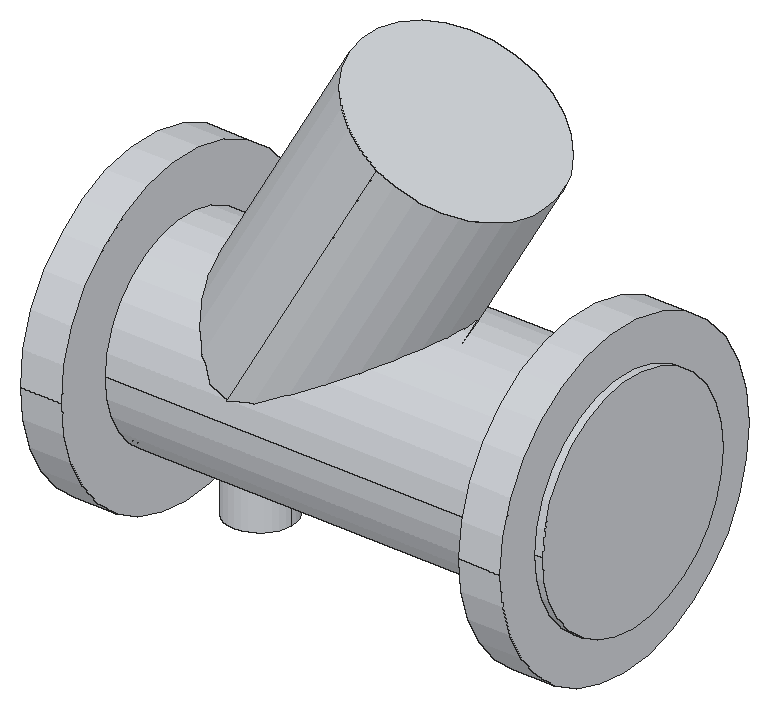
Revit family "HS 821-síto_jemné-PN40-DN150-RFA_2018", category Pipe Accessories, Revit 2018
Family settings
  Round Connector Dimension = Use Diameter
  Part Type = Breaks Into
  Work Plane-Based = No
  Always vertical = Yes
  Cut with Voids When Loaded = No
  Shared = No
Parameters (values of type "821F-DN150-PN40-síto_jemné")
  magiProductId = "0153b9ddabe14992a630484929fdbc"
  magiProductFamilyId = "79214ac3aaa945e397802f559f5c1e"
  magiPartTypeId = 307
  isMeasuringValve [instance] = no
  ang2D [instance] = 0.00°
  ZB__ve = -ZB  # -47 mm
  ZB1 = 88.29 mm
  ZB = 47 mm
  X2 = 155.885 mm
  X1 = 67.2 mm
  W2D = 15 mm
  VersionID = "2.0/2017.9.26.1/ZETKAMA_821_001"
  Use Minimum Symbol Size [instance] = yes
  URL = "www.hydronic.cz"
  Type Comments = "Filtr přírubový; síto jemné; A-PN16 (-10~300°C); D-PN25 (-10~350°C); F-PN40 (-10~400°C)"
  S = 218 mm
  QmdConnectorList = "301;D;302;D"
  Productdata [instance] = ""
  Manufacturer = "Hydronic Systems Prague s.r.o."
  MC Product Code = "250 692 (821F; DN150; PN40; kvs401,4; oko síta 0,63mm)"
  LM1 = 38.4 mm
  LM = 384 mm
  L4 = 120 mm
  L2D_Min = 3048 mm
  L2D = 130 mm
  L2 = 240 mm
  HH2 = 270 mm
  FD = 300 mm
  Description = "Filtr přírubový; síto jemné; 821A-PN16; 821D-PN25; 821F-PN40"
  DM1 = 192 mm
  DM = 196.2 mm
  D = 150 mm
  CC = 8.16 mm
  CAT0 = yes
  C1 = 39.84 mm
  C = 48 mm
  BD = 61.803 mm
Types (40, lengths in mm): name | magiProductId | ZB__ve | ZB1 | ZB | X2 | X1 | S | MC Product Code | LM1 | LM | L4 | L2 | HH2 | FD | DM1 | DM | D | CC | C1 | C | BD
  821A-DN015-PN16-síto_jemné | "a71bcfe8b393460598b23e8ddf7dc5" | -16.25 | 18.63 | 16.25 | 46.982 | 18.2 | 46 | "210 115 (821A; DN015; PN16; kvs6,2; oko síta 0,63mm)" | 10.4 | 104 | 32.5 | 65 | 81.375 | 95 | 27.6 | 41.4 | 15 | 2.21 | 10.79 | 13 | 13.041
  821A-DN020-PN16-síto_jemné | "41cd6c7a12924f4991217528336076" | -17.75 | 22.68 | 17.75 | 51.673 | 21 | 56 | "210 120 (821A; DN020; PN16; kvs9,6; oko síta 0,63mm)" | 12 | 120 | 37.5 | 75 | 89.5 | 105 | 33.6 | 50.4 | 20 | 2.55 | 12.45 | 15 | 15.876
  821A-DN025-PN16-síto_jemné | "be378b463ed14c3abf4c9b3ae8cf3a" | -19.25 | 26.325 | 19.25 | 58.601 | 22.4 | 65 | "210 125 (821A; DN025; PN16; kvs14,2; oko síta 0,63mm)" | 12.8 | 128 | 40 | 80 | 101.5 | 115 | 43.2 | 58.5 | 25 | 2.72 | 13.28 | 16 | 18.427
  821A-DN032-PN16-síto_jemné | "227a0d18b21540afabe8b6067d35fa" | -23 | 30.78 | 23 | 68.849 | 25.2 | 76 | "210 132 (821A; DN032; PN16; kvs23,1; oko síta 0,63mm)" | 14.4 | 144 | 45 | 90 | 119.25 | 140 | 50.4 | 68.4 | 32 | 3.06 | 14.94 | 18 | 21.546
  821A-DN040-PN16-síto_jemné | "d106917c74724141a10440112d0102" | -24.5 | 34.02 | 24.5 | 75.777 | 28 | 84 | "210 140 (821A; DN040; PN16; kvs36,6; oko síta 0,63mm)" | 16 | 160 | 50 | 100 | 131.25 | 150 | 60 | 75.6 | 40 | 3.4 | 16.6 | 20 | 23.814
  821A-DN050-PN16-síto_jemné | "8255d456a09e4f6486734f5dd9171b" | -26.75 | 40.095 | 26.75 | 79.061 | 32.2 | 99 | "210 150 (821A; DN050 PN16; kvs53,7; oko síta 0,63mm)" | 18.4 | 184 | 57.5 | 115 | 136.938 | 165 | 73.8 | 89.1 | 50 | 3.91 | 19.09 | 23 | 28.066
  821A-DN065-PN16-síto_jemné | "235b1b3e4c0843779a4d5e3716d40a" | -29.75 | 47.79 | 29.75 | 86.927 | 40.6 | 118 | "210 165 (821A; DN065; PN16; kvs95,1; oko síta 0,63mm)" | 23.2 | 232 | 72.5 | 145 | 150.562 | 185 | 94.2 | 106.2 | 65 | 4.93 | 24.07 | 29 | 33.453
  821A-DN080-PN16-síto_jemné | "a067f7c5236348ed8c820d16df7214" | -32 | 53.46 | 32 | 104.753 | 43.4 | 132 | "210 180 (821A; DN080; PN16; kvs137,1; oko síta 0,63mm)" | 24.8 | 248 | 77.5 | 155 | 181.438 | 200 | 107.4 | 118.8 | 80 | 5.27 | 25.73 | 31 | 37.422
  821A-DN100-PN16-síto_jemné | "c49a648c2747461285837d643703cd" | -35 | 63.18 | 35 | 114.857 | 49 | 156 | "210 190 (821A; DN100; PN16; kvs206,4; oko síta 0,63mm)" | 28 | 280 | 87.5 | 175 | 198.937 | 220 | 131.4 | 140.4 | 100 | 5.95 | 29.05 | 35 | 44.226
  821A-DN125-PN16-síto_jemné | "bf68e728a163493cbd2a663b26ebdc" | -39.5 | 74.52 | 39.5 | 131.888 | 56 | 184 | "210 191 (821A; DN125; PN16; kvs268,8; oko síta 0,63mm)" | 32 | 320 | 100 | 200 | 228.438 | 250 | 165 | 165.6 | 125 | 6.8 | 33.2 | 40 | 52.164
  821A-DN150-PN16-síto_jemné | "2de770284b654863ae6bc865769dc5" | -44.75 | 85.455 | 44.75 | 155.885 | 67.2 | 211 | "210 192 (821A; DN150; PN16; kvs401,4; oko síta 0,63mm)" | 38.4 | 384 | 120 | 240 | 270 | 285 | 192 | 189.9 | 150 | 8.16 | 39.84 | 48 | 59.818
  821A-DN200-PN16-síto_jemné | "8e5693371ab64aabb29a7f08c76e15" | -53 | 107.73 | 53 | 188.361 | 84 | 266 | "210 193 (821A; DN200; PN16; kvs706,7; oko síta 0,63mm)" | 48 | 480 | 150 | 300 | 326.25 | 340 | 252 | 239.4 | 200 | 10.2 | 49.8 | 60 | 75.411
  821A-DN250-PN16-síto_jemné | "05e37ed948c34047acdd4c42556504" | -62.75 | 129.195 | 62.75 | 255.911 | 102.2 | 319 | "210 194 (821A; DN250; PN16; kvs1229,4; oko síta 0,63mm)" | 58.4 | 584 | 182.5 | 365 | 443.25 | 405 | 309.6 | 287.1 | 250 | 12.41 | 60.59 | 73 | 90.436
  821A-DN300-PN16-síto_jemné | "9ad0af747269428da925480d83ce80" | -71 | 149.85 | 71 | 325.914 | 119 | 370 | "210 195 (821A; DN300; PN16; kvs1902,4; oko síta 0,63mm)" | 68 | 680 | 212.5 | 425 | 564.5 | 460 | 369.6 | 333 | 300 | 14.45 | 70.55 | 85 | 104.895
  821A-DN350-PN16-síto_jemné | "eebc71459bb3451bb4355e7951370a" | -80 | 173.745 | 80 | 356.875 | 137.2 | 429 | "200 196 (821A; DN350; PN16; kvs2611,0; oko síta 0,63mm)" | 78.4 | 784 | 245 | 490 | 618.125 | 520 | 438 | 386.1 | 350 | 16.66 | 81.34 | 98 | 121.621
  821A-DN400-PN16-síto_jemné | "d2f677cb196647e385b2590e7d8abe" | -89 | 194.4 | 89 | 392.237 | 154 | 480 | "210 197 (821A; DN400; PN16; kvs3438,4; oko síta 0,63mm)" | 88 | 880 | 275 | 550 | 679.375 | 580 | 498 | 432 | 400 | 18.7 | 91.3 | 110 | 136.08
  821D-DN015-PN25-síto_jemné | "27ddcbf555414f8ca1fde329bf9087" | -16.25 | 18.63 | 16.25 | 46.982 | 18.2 | 46 | "210 215 (821D; DN015; PN25; kvs6,2; oko síta 0,63mm)" | 10.4 | 104 | 32.5 | 65 | 81.375 | 95 | 27.6 | 41.4 | 15 | 2.21 | 10.79 | 13 | 13.041
  821D-DN020-PN25-síto_jemné | "270e0f14012f47189cd0235c18faee" | -17.75 | 22.68 | 17.75 | 51.673 | 21 | 56 | "210 220 (821D; DN020; PN25; kvs9,6; oko síta 0,63mm)" | 12 | 120 | 37.5 | 75 | 89.5 | 105 | 33.6 | 50.4 | 20 | 2.55 | 12.45 | 15 | 15.876
  821D-DN025-PN25-síto_jemné | "b9a7fb4aa36643878c637d8e1ab992" | -19.25 | 26.325 | 19.25 | 58.601 | 22.4 | 65 | "210 225 (821D; DN025; PN25; kvs14,2; oko síta 0,63mm)" | 12.8 | 128 | 40 | 80 | 101.5 | 115 | 43.2 | 58.5 | 25 | 2.72 | 13.28 | 16 | 18.427
  821D-DN032-PN25-síto_jemné | "6be9a55c4e68400f94eec7e804204c" | -23 | 30.78 | 23 | 68.849 | 25.2 | 76 | "210 232 (821D; DN032; PN25; kvs23,1; oko síta 0,63mm)" | 14.4 | 144 | 45 | 90 | 119.25 | 140 | 50.4 | 68.4 | 32 | 3.06 | 14.94 | 18 | 21.546
  821D-DN040-PN25-síto_jemné | "c54511bd7f584ec2984291479612cb" | -24.5 | 34.02 | 24.5 | 75.777 | 28 | 84 | "210 240 (821D; DN040; PN25; kvs36,6; oko síta 0,63mm)" | 16 | 160 | 50 | 100 | 131.25 | 150 | 60 | 75.6 | 40 | 3.4 | 16.6 | 20 | 23.814
  821D-DN050-PN25-síto_jemné | "5483b1f596b04cd39b23a14a22c90e" | -26.75 | 40.095 | 26.75 | 79.061 | 32.2 | 99 | "210 250 (821D; DN050; PN25; kvs53,7; oko síta 0,63mm)" | 18.4 | 184 | 57.5 | 115 | 136.938 | 165 | 73.8 | 89.1 | 50 | 3.91 | 19.09 | 23 | 28.066
  821D-DN065-PN25-síto_jemné | "767b0f8318e94750bc7a9930ed5b30" | -29.75 | 47.79 | 29.75 | 86.927 | 40.6 | 118 | "210 265 (821D; DN065; PN25; kvs95,1; oko síta 0,63mm)" | 23.2 | 232 | 72.5 | 145 | 150.562 | 185 | 94.2 | 106.2 | 65 | 4.93 | 24.07 | 29 | 33.453
  821D-DN080-PN25-síto_jemné | "e21040fa3cc2404b858198f6b73709" | -32 | 53.46 | 32 | 104.753 | 43.4 | 132 | "210 280 (821D; DN080; PN25; kvs137,1; oko síta 0,63mm)" | 24.8 | 248 | 77.5 | 155 | 181.438 | 200 | 107.4 | 118.8 | 80 | 5.27 | 25.73 | 31 | 37.422
  821D-DN100-PN25-síto_jemné | "175ca87a506b40b3bc6b82f12f33cf" | -37.25 | 63.18 | 37.25 | 114.857 | 49 | 156 | "210 290 (821D; DN100; PN25; kvs206,4; oko síta 0,63mm)" | 28 | 280 | 87.5 | 175 | 198.937 | 235 | 131.4 | 140.4 | 100 | 5.95 | 29.05 | 35 | 44.226
  821D-DN125-PN25-síto_jemné | "77cc98d60da24855999a22dff726b2" | -42.5 | 74.52 | 42.5 | 131.888 | 56 | 184 | "210 291 (821D; DN125; PN25; kvs268,8; oko síta 0,63mm)" | 32 | 320 | 100 | 200 | 228.438 | 270 | 165 | 165.6 | 125 | 6.8 | 33.2 | 40 | 52.164
  821D-DN150-PN25-síto_jemné | "9cf8acfcd15547d68e83172d3abcbe" | -47 | 85.455 | 47 | 155.885 | 67.2 | 211 | "210 292 (821D; DN150; PN25; kvs401,4; oko síta 0,63mm)" | 38.4 | 384 | 120 | 240 | 270 | 300 | 192 | 189.9 | 150 | 8.16 | 39.84 | 48 | 59.818
  821D-DN200-PN25-síto_jemné | "16973f3c9ea14389ba8602495a6b64" | -56 | 110.97 | 56 | 188.361 | 84 | 274 | "210 293 (821D; DN200; PN25; kvs706,7; oko síta 0,63mm)" | 48 | 480 | 150 | 300 | 326.25 | 360 | 252 | 246.6 | 200 | 10.2 | 49.8 | 60 | 77.679
  821F-DN015-PN40-síto_jemné | "4c7eaf3c4c0340888b3e684d8a8616" | -16.25 | 18.225 | 16.25 | 46.982 | 18.2 | 45 | "250 615 (821F; DN015; PN40; kvs6,2; oko síta 0,63mm)" | 10.4 | 104 | 32.5 | 65 | 81.375 | 95 | 27.6 | 40.5 | 15 | 2.21 | 10.79 | 13 | 12.757
  821F-DN020-PN40-síto_jemné | "aaac5f1ec96b44d6ba96ac2293d66d" | -17.75 | 23.49 | 17.75 | 51.673 | 21 | 58 | "250 620 (821F; DN020; PN40; kvs9,6; oko síta 0,63mm)" | 12 | 120 | 37.5 | 75 | 89.5 | 105 | 33.6 | 52.2 | 20 | 2.55 | 12.45 | 15 | 16.443
  821F-DN025-PN40-síto_jemné | "504768023968471481789485b54c7e" | -19.25 | 27.54 | 19.25 | 58.601 | 22.4 | 68 | "250 625 (821F; DN025; PN40; kvs14,2; oko síta 0,63mm)" | 12.8 | 128 | 40 | 80 | 101.5 | 115 | 43.2 | 61.2 | 25 | 2.72 | 13.28 | 16 | 19.278
  821F-DN032-PN40-síto_jemné | "165e7f39cf744f329bdf1c400dad12" | -23 | 31.59 | 23 | 68.849 | 25.2 | 78 | "250 632 (821F; DN032; PN40; kvs23,1; oko síta 0,63mm)" | 14.4 | 144 | 45 | 90 | 119.25 | 140 | 50.4 | 70.2 | 32 | 3.06 | 14.94 | 18 | 22.113
  821F-DN040-PN40-síto_jemné | "b8903f952089408fbf3a5a632bab1f" | -24.5 | 35.64 | 24.5 | 75.777 | 28 | 88 | "250 640 (821F; DN040; PN40; kvs36,6; oko síta 0,63mm)" | 16 | 160 | 50 | 100 | 131.25 | 150 | 60 | 79.2 | 40 | 3.4 | 16.6 | 20 | 24.948
  821F-DN050-PN40-síto_jemné | "c451f97266fe48da8f879cb6a2bd44" | -26.75 | 41.31 | 26.75 | 79.061 | 32.2 | 102 | "250 650 (821F; DN050; PN40; kvs53,7; oko síta 0,63mm)" | 18.4 | 184 | 57.5 | 115 | 136.938 | 165 | 73.8 | 91.8 | 50 | 3.91 | 19.09 | 23 | 28.917
  821F-DN065-PN40-síto_jemné | "dc9821e3f9b34e128f6a8c6b34c198" | -29.75 | 49.41 | 29.75 | 86.927 | 40.6 | 122 | "250 665 (821F; DN065; PN40; kvs95,1; oko síta 0,63mm)" | 23.2 | 232 | 72.5 | 145 | 150.562 | 185 | 94.2 | 109.8 | 65 | 4.93 | 24.07 | 29 | 34.587
  821F-DN080-PN40-síto_jemné | "689aa1e260f84cf4994f027a1d86b5" | -32 | 55.89 | 32 | 104.753 | 43.4 | 138 | "250 680 (821F; DN080; PN40; kvs137,1; oko síta 0,63mm)" | 24.8 | 248 | 77.5 | 155 | 181.438 | 200 | 107.4 | 124.2 | 80 | 5.27 | 25.73 | 31 | 39.123
  821F-DN100-PN40-síto_jemné | "8a45d4e8e2ab425f8c432f21d684f3" | -37.25 | 65.61 | 37.25 | 114.857 | 49 | 162 | "250 690 (821F; DN100; PN40; kvs206,4; oko síta 0,63mm)" | 28 | 280 | 87.5 | 175 | 198.937 | 235 | 131.4 | 145.8 | 100 | 5.95 | 29.05 | 35 | 45.927
  821F-DN125-PN40-síto_jemné | "cf073904c006406b8645afa67ea2fc" | -42.5 | 76.14 | 42.5 | 131.888 | 56 | 188 | "250 691 (821F; DN125; PN40; kvs268,8; oko síta 0,63mm)" | 32 | 320 | 100 | 200 | 228.438 | 270 | 165 | 169.2 | 125 | 6.8 | 33.2 | 40 | 53.298
  821F-DN150-PN40-síto_jemné | "0153b9ddabe14992a630484929fdbc" | -47 | 88.29 | 47 | 155.885 | 67.2 | 218 | "250 692 (821F; DN150; PN40; kvs401,4; oko síta 0,63mm)" | 38.4 | 384 | 120 | 240 | 270 | 300 | 192 | 196.2 | 150 | 8.16 | 39.84 | 48 | 61.803
  821F-DN200-PN40-síto_jemné | "7fb3fc01dd8d42428c203e3f8dd4d5" | -56 | 115.425 | 56 | 188.361 | 84 | 285 | "250 693 (821F; DN200; PN40; kvs706,7; oko síta 0,63mm)" | 48 | 480 | 150 | 300 | 326.25 | 360 | 252 | 256.5 | 200 | 10.2 | 49.8 | 60 | 80.797
Reference planes
  plane 1 "Center (Front/Back)": y = 0
  plane 2 "XYPLANE": z = 0
  plane 3 "Center (Left/Right)": x = 0
  plane 4 "109": x = -153.6
  plane 5 "108": x = 192
  plane 6 "107": x = -192
  plane 7 "105": x = 240
  plane 8 "104": x = -240
  plane 9 "103": y = 0
  plane 10 "102": z = 0
  plane 11 "101": x = -231.84
  plane 12 "100": x = 231.84
  plane 13 "11": x = -86.4
  plane 14 "10": z = 270
  plane 15 "9": x = 69.485
  plane 16 "5": z = -88.29
  plane 17 "4": x = -120
  plane 18 "1": x = 120
Forms (mm)
  Extrusion 1, solid, visible <- "CAT0"
    sketch origin (-192, -750, 0) x (0, 1, 0) y (0, 0, 1)
      loop
        circle (750, 0) r 98.1
    from 0 to 384 <- "LM"
  Extrusion 2, solid
    sketch origin (-240, -750, 0) x (0, 1, 0) y (0, 0, 1)
      loop
        circle (750, 0) r 109
    from 0 to 8.16 <- "CC"
  Extrusion 3, solid
    sketch origin (-231.84, -750, 0) x (0, 1, 0) y (0, 0, 1)
      loop
        circle (750, 0) r 150
    from 0 to 39.84 <- "C1"
  Extrusion 4, solid
    sketch origin (192, -750, 0) x (0, 1, 0) y (0, 0, 1)
      loop
        circle (750, 0) r 150
    from 0 to 39.84 <- "C1"
  Extrusion 5, solid
    sketch origin (231.84, -750, 0) x (0, 1, 0) y (0, 0, 1)
      loop
        circle (750, 0) r 109
    from 0 to 8.16 <- "CC"
  Sweep 6, solid, visible <- "CAT0"
    path origin (750, 0, 0) x (-1, 0, 0) y (0, 0, 1)
      loop
        line (942, 0) -> (836.4, 0) -> (680.515, 270)
    profile origin (-192, 0, 0) x (0, 0, -1) y (0, 1, 0)
      loop
        circle (0, 0) r 96
  Extrusion 7, solid, visible <- "CAT0"
    sketch origin (-750, 0, -88.29) x (1, 0, 0) y (0, 1, 0)
      loop
        circle (630, 0) r 30.901
    from 0 to -47 <- "ZB__ve"
  Extrusion 8, solid, visible <- "CAT0"
    sketch origin (-750, 0, -88.29) x (1, 0, 0) y (0, 1, 0)
      loop
        circle (870, 0) r 30.901
    from 0 to -47 <- "ZB__ve"
  Extrusion 9, solid, not visible
    sketch origin (240, -750, 0) x (0, 1, 0) y (0, 0, 1)
      loop
        circle (750, 0) r 10
    from 0 to -10
  Extrusion 10, solid, not visible
    sketch origin (-240, -750, 0) x (0, 1, 0) y (0, 0, 1)
      loop
        circle (750, 0) r 10
    from 0 to 10
Lines and regions (mm)
  reference lines, not visible
    curve 1: circle (2, 2, 0) r 1 normal (0, 0, 1)
Dimensions and locks
  plane 1 "Center (Front/Back)" to curve 1 = 2 mm
  "LM1": plane 6 "107" to plane 4 "109"
  "LM": plane 6 "107" to plane 5 "108"
  "C": plane 8 "104" to plane 6 "107"
  "L2": plane 3 "Center (Left/Right)" to plane 7 "105"
  "L2": plane 3 "Center (Left/Right)" to plane 8 "104"
  locked: plane 1 "Center (Front/Back)" to plane 9 "103"
  locked: plane 2 "XYPLANE" to plane 10 "102"
  "CC": plane 8 "104" to plane 11 "101"
  "C1": plane 5 "108" to plane 12 "100"
  "X1": plane 4 "109" to plane 13 "11"
  "HH2": plane 2 "XYPLANE" to plane 14 "10"
  "X2": plane 13 "11" to plane 15 "9"
  "ZB1": plane 2 "XYPLANE" to plane 16 "5"
  "L4": plane 8 "104" to plane 17 "4"
  "L2": plane 17 "4" to plane 18 "1"
  Sweep 6 sketch curve to Sweep 6 sketch curve = 0 mm  (x2)
  "DM": diameter of Extrusion 1 sketch curve
  "S": diameter of Extrusion 2 sketch curve
  "FD": diameter of Extrusion 3 sketch curve
  "FD": diameter of Extrusion 4 sketch curve
  "S": diameter of Extrusion 5 sketch curve
  "DM1": diameter of Sweep 6 sketch curve
  "BD": diameter of Extrusion 7 sketch curve
  "BD": diameter of Extrusion 8 sketch curve
  aligned and locked: level to plane 2 "XYPLANE"
  aligned and locked: Extrusion 1 sketch curve to plane 9 "103"
  aligned and locked: plane 10 "102" to Extrusion 1 sketch curve
  aligned and locked: Extrusion 2 sketch curve to plane 9 "103"
  aligned and locked: plane 10 "102" to Extrusion 2 sketch curve
  aligned and locked: Extrusion 3 sketch curve to plane 9 "103"
  aligned and locked: plane 10 "102" to Extrusion 3 sketch curve
  aligned and locked: Extrusion 4 sketch curve to plane 9 "103"
  aligned and locked: plane 10 "102" to Extrusion 4 sketch curve
  aligned and locked: Extrusion 5 sketch curve to plane 9 "103"
  aligned and locked: plane 10 "102" to Extrusion 5 sketch curve
  aligned and locked: Sweep 6 sketch curve to plane 9 "103"
  aligned and locked: plane 10 "102" to Sweep 6 sketch curve  (x3)
  aligned and locked: plane 6 "107" to Sweep 6 sketch curve
  aligned and locked: plane 13 "11" to Sweep 6 sketch curve
  aligned and locked: plane 14 "10" to Sweep 6 sketch curve
  aligned and locked: plane 15 "9" to Sweep 6 sketch curve
  aligned and locked: plane 9 "103" to Extrusion 7 sketch curve
  aligned and locked: plane 17 "4" to Extrusion 7 sketch curve
  aligned and locked: plane 9 "103" to Extrusion 8 sketch curve
  aligned and locked: plane 18 "1" to Extrusion 8 sketch curve
  aligned and locked: Extrusion 9 sketch curve to plane 9 "103"
  aligned and locked: plane 10 "102" to Extrusion 9 sketch curve
  aligned and locked: Extrusion 10 sketch curve to plane 9 "103"
  aligned and locked: plane 10 "102" to Extrusion 10 sketch curve
Automatic sketch dimensions
  plane 1 "Center (Front/Back)" to Extrusion 9 sketch curve = 10 mm
  plane 1 "Center (Front/Back)" to Extrusion 10 sketch curve = 10 mm
  plane 3 "Center (Left/Right)" to curve 1 = 2 mm
  radius of curve 1 = 1 mm
Connectors
  piping at (-240, 0, 0), diameter 150, driven by "D"
    settings: on Extrusion 10, index 1, connector inside diameter 609.6 mm, connector length 0 mm, flow factor 0, pipe flow 0.0 L/s, pressure drop 0.0 Pa, fitting loss kfactor 0, connector angle 0.00°, fixture units 0, engagement length 0 mm, angle of deflection 0.00°, flow configuration 0, flow direction 0, fitting loss method 0, system type 29, joint type 0, gender type 0, connector reference index 2, connector utility 0, adjustable connector no, is connector primary yes, connector description ""
  piping at (240, 0, 0), diameter 150, driven by "D"
    settings: on Extrusion 9, index 2, connector inside diameter 609.6 mm, connector length 0 mm, flow factor 0, pipe flow 0.0 L/s, pressure drop 0.0 Pa, fitting loss kfactor 0, connector angle 0.00°, fixture units 0, engagement length 0 mm, angle of deflection 0.00°, flow configuration 0, flow direction 0, fitting loss method 0, system type 29, joint type 0, gender type 0, connector reference index 1, connector utility 0, adjustable connector no, is connector primary no, connector description ""
